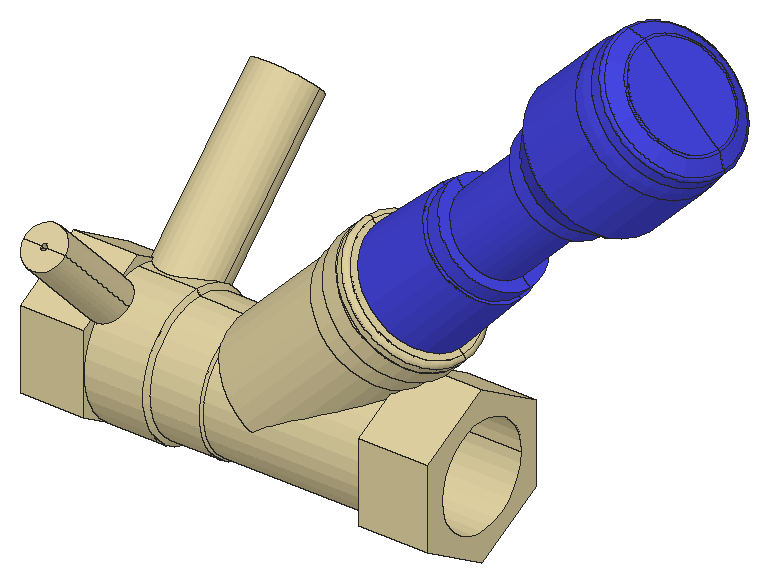
Revit family "DA02780000", category Apparecchi idraulici, Revit 2020
Family settings
  Quota connettore circolare = Usa diametro
  Tipo di parte = Normale
  Numero OmniClass = 23.45.00.00
  Titolo OmniClass = Sanitary, Laundry, and Cleaning Equipment
  Basato su piano di lavoro = No
  Sempre verticale = Sì
  Taglio con vuoti quando caricato = No
  Condiviso = No
  Punto di calcolo locali = No
Parameters
  URL = "https://web.cimberio.com/index.php/figura/667?subcategoria_id=20488"
  Temperatura di esercizio = "-10 ÷ 120°C"
  Prospetto di default = 0 mm
  Produttore = "CIMBERIO SPA"
  Pressione nominale = "PN 25"
  Modello = "Cim 748"
  Materiale = "Prodotto in lega di ottone “CR” – “DZR\" conforme alla norma EN 1982-CC770S"
  Descrizione = "Utilizzato nei più svariati settori dell'impiantistica: impianti di riscaldamento, condizionamento, idrici, igienico-sanitari e in generale con ogni fluido non corrosivo.\r\nParticolarmente indicato come valvola  per la regolazione e contabilizzazione di impianti di riscaldamento singoli o a zone, impianti con utilizzazione di energie alternative, impianti con fluidi caldi o freddi e impianti di automazione in genere"
  DN Model [instance] = DA02781040 : DA02781040
  DN [instance] = 40 mm
  Commenti sul tipo = "Realizzato in ottemperanza ai requisiti gestionali della norma EN ISO 9001.\r\nCollaudato al 100% secondo la normativa EN 12266-1"
Reference planes
  plane 1 "Centro (Fronte/Retro)": y = 0
  plane 2: z = 0
  plane 3 "Centro (Sinistra/Destra)": x = 0
Dimensions and locks
  aligned and locked: level to plane 2
Nested families
  nested 1: "DA02781040" at (0, 0, 0), type <- "DN Model", type "DA02781040"
  nested 2: "DA02781040" at (0, 0, 0), type <- "DN Model", type "DA02781040"
  nested 3: "DA02781040" at (0, 0, 0), type <- "DN Model", type "DA02781040"
  nested 4: "DA02781040" at (0, 0, 0), type <- "DN Model", type "DA02781040"
  nested 5: "DA02781040" at (0, 0, 0), type <- "DN Model", type "DA02781040"
  nested 6: "DA02781040" at (0, 0, 0), type <- "DN Model", type "DA02781040"
Connectors
  piping at (81.5, 0, 0), diameter 40, driven by "DN"
    settings: on nested 1, index 1, connector inside diameter 609.6 mm, connector length 0 mm, flow factor 0, pipe flow 0.0 L/s, pressure drop 0.0 Pa, fitting loss kfactor 0, connector angle 0.00°, fixture units 0, engagement length 0 mm, angle of deflection 0.00°, flow configuration 0, flow direction 0, fitting loss method 0, system type 7, joint type 0, gender type 0, connector reference index -1, connector utility 0, adjustable connector no, is connector primary yes, connector description ""
  piping at (-81.5, 0, 0), diameter 40, driven by "DN"
    settings: on nested 1, index 2, connector inside diameter 609.6 mm, connector length 0 mm, flow factor 0, pipe flow 0.0 L/s, pressure drop 0.0 Pa, fitting loss kfactor 0, connector angle 0.00°, fixture units 0, engagement length 0 mm, angle of deflection 0.00°, flow configuration 0, flow direction 0, fitting loss method 0, system type 7, joint type 0, gender type 0, connector reference index -1, connector utility 0, adjustable connector no, is connector primary no, connector description ""
Definition of nested family "DA02781040"
  Parameters (values of type "DA02781040")
    URL = ""
    Temperatura di esercizio = ""
    Default Elevation = 0 mm
    Manufacturer = ""
    Pressione nominale = ""
    Model = ""
    Materiale = ""
    Description = ""
    Type Comments = ""
  Reference planes
    plane 1 "Centro (Fronte/Retro)": y = 0
    plane 2: z = 0
    plane 3 "Centro (Sinistra/Destra)": x = 0
  Forms (mm)
    Extrusion 1, solid
      sketch origin (0, 0, 0) x (0, 1, 0) y (0, 0, 1)
        loop
          circle (0, 0) r 20
        loop
          line (0, 31) -> (-26.847, 15.5) -> (-26.847, -15.5) -> (0, -31) -> (26.847, -15.5) -> (26.847, 15.5) -> (0, 31)
      from -81.5 to -56.191
    Revolve 2, solid
      sketch origin (0, 0, 0) x (1, 0, 0) y (0, 0, 1)
        loop
          line (-56.191, -20) -> (-56.191, -27) -> (-32.5, -27) -> (-31.345, -25) -> (-11.5, -25) -> (-10.923, -24) -> (53.91, -24) -> (53.907, -20) -> (-56.191, -20)
        axis (-56.191, 0) -> (53.91, 0)
      angle from 0 to 360
    Revolve 3, solid
      sketch origin (-18.985, 0.885, 6.695) x (1, 0, 0) y (0, 0.700371, 0.713779)
        loop
          line (-41.165, 89.311) -> (-41.165, -4.489) -> (-28, -4.489) -> (-28, 89.311) -> (-41.165, 89.311)
        axis (-28, 89.311) -> (-28, -4.489)
      angle from 0 to 360
    Revolve 4, solid
      sketch origin (-28.031, -0.026, 6.695) x (1, 0, 0) y (0, 0.700371, -0.713779)
        loop
          line (-36.5, -66.481) -> (-29.198, -66.481) -> (-29.198, 4.776) -> (-36.5, 4.776) -> (-36.5, -66.481)
        axis (-28, -66.481) -> (-28, 4.776)
      angle from 0 to 360
    Extrusion 5, solid
      sketch origin (0, 0, 0) x (0, 1, 0) y (0, 0, -1)
        loop
          circle (0, 0) r 20
        loop
          line (0, -31) -> (26.847, -15.5) -> (26.847, 15.5) -> (0, 31) -> (-26.847, 15.5) -> (-26.847, -15.5) -> (0, -31)
      from -81.5 to -53.91
    Revolve 6, solid
      sketch origin (0, 0, 0) x (1, 0, 0) y (0, 0, 1)
        loop
          line (56.043, 59.043) -> (38.062, 77.025)
          arc (38.062, 77.025) -> (36.665, 77.611) -> (35.258, 77.05) r 2
          line (35.258, 77.05) -> (33.428, 75.282) -> (33.637, 74.379) -> (33.062, 74.953) -> (27.759, 69.65) -> (27.759, 67.529) -> (22.456, 62.225) -> (22.456, 61.165) -> (-14.615, 24.132)
          arc (-14.615, 24.132) -> (-12.934, 20.875) -> (-10.544, 18.096) r 15.708
          line (-10.544, 18.096) -> (2.276, 5.276) -> (56.043, 59.043)
        axis (56.043, 59.043) -> (2.276, 5.276)
      angle from 0 to 360
    Revolve 7, solid
      sketch origin (0, 0, 0) x (1, 0, 0) y (0, 0, 1)
        loop
          line (81.499, 84.499) -> (65.92, 100.079) -> (40.487, 76.721) -> (40.487, 74.6) -> (56.043, 59.043) -> (81.499, 84.499)
        axis (81.499, 84.499) -> (56.043, 59.043)
      angle from 0 to 360
    Revolve 8, solid
      sketch origin (0, 0, 0) x (1, 0, 0) y (0, 0, 1)
        loop
          line (155.038, 158.038) -> (135.696, 177.381)
          arc (135.696, 177.381) -> (132.308, 175.168) -> (129.28, 172.483) r 27.553
          line (129.28, 172.483) -> (108.315, 151.62) -> (104.303, 136.648) -> (100.061, 132.406) -> (103.066, 129.401) -> (74.428, 100.763) -> (71.423, 103.768) -> (66.827, 99.172) -> (81.499, 84.499) -> (155.038, 158.038)
        axis (155.038, 158.038) -> (81.499, 84.499)
      angle from 0 to 360
    Revolve 9, solid
      sketch origin (0, 0, 0) x (1, 0, 0) y (0, 0, 1)
        loop
          arc (140.367, 181.197) -> (139.331, 181.197) -> (138.435, 180.679) r 2
          line (138.435, 180.679) -> (135.416, 177.661) -> (155.038, 158.038) -> (161.614, 164.614) -> (147.119, 179.11)
          arc (147.119, 179.11) -> (146.705, 179.428) -> (146.222, 179.628) r 2
          line (146.222, 179.628) -> (140.367, 181.197)
        axis (161.614, 164.614) -> (155.038, 158.038)
      angle from 0 to 360
  Dimensions and locks
    aligned and locked: level to plane 2
